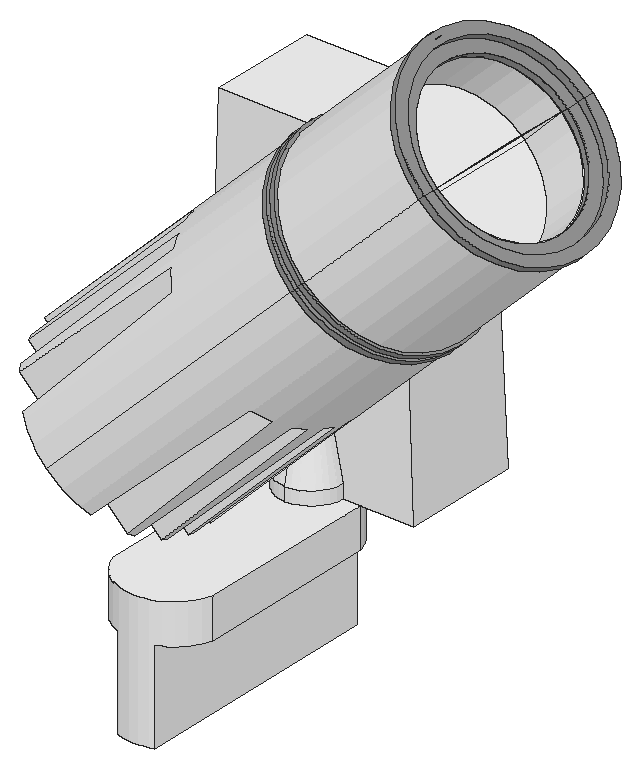
Revit family "2055966", category Lighting Fixtures, host Face, Revit 2016
Family settings
  Host = Face
  Part Type = Normal
  Round Connector Dimension = Use Diameter
  OmniClass Number = 23.80.70.00
  OmniClass Title = Lighting
  Cut with Voids When Loaded = No
  Light Source = No
  Shared = No
  Room Calculation Point = No
Parameters (values of type "2055966 BCON PRJ FRAM DALI L3 4K WH")
  Weight = "1.365 kg"
  Wattage Comments = ""
  WarrantyStartDate [instance] = "n/a"
  WarrantyGuarantorParts = "n/a"
  WarrantyDurationUnit = "n/a"
  WarrantyDurationParts = "n/a"
  WarrantyDescription = "n/a"
  Voltage = 230 V
  URL = "http://www.sylvania-lighting.com"
  TypeName = "BCON PRJ FRAM DALI L3 4K WH"
  TypeHead_SYL = Beacon LED Projector Framing Head : 2055966 BCON PRJ FRAM DALI L3 4K WH
  Type Image = <None>
  Type Comments = "n/a"
  Track_SYL = yes
  Surface_SYL = not(Track_SYL)  # no
  SerialNumber [instance] = "n/a"
  Material_3_SYL = none
  PowerFactor = 0.95
  PowerConsumption = "35 W"
  NominalLength = 0 mm
  NominalHeight = 215 mm
  NominalDepth = 185 mm
  Name = "BCON PRJ FRAM DALI L3 4K WH"
  ModelReference = Name  # "BCON PRJ FRAM DALI L3 4K WH"
  ModelNumber = "2055966"
  Model = Name  # "BCON PRJ FRAM DALI L3 4K WH"
  Material = "aluminium housing"
  ManufacturerName = "Feilo Sylvania"
  Manufacturer = "Feilo Sylvania"
  LuminousEfficacy = "14 lm/W"
  LuminaireType = ""
  LightOutputRatio = "100"
  LampsType = Lamp  # "LED"
  LampNominalLuminous = "474 lm"
  LampMacAdamStep = "3"
  LampColourTemperature = "4000 K"
  LampColourRenderingIndex = "97"
  Lamp = "LED"
  Keynote = "16500"
  InstallationDate [instance] = "n/a"
  InputVoltage = "AC 230 V"
  InputNominalFrequency = "50/60 Hz"
  IngressProtection = "IP20"
  ImpactProtectionIndex = "IK02"
  IfcExportType = "IfcLightFixtureType"
  IfcExportAs = "IfcLightFixtureType"
  HorizontalRotation_SYL [instance] = 0.00°
  EndAngle_SYL [instance] = HorizontalRotation_SYL + 180.00°  # 180.00°
  ElectricShockClassification = "Class II"
  DocumentationLiterature = "http://www.sylvania-lighting.com/product/en-int/products/2055966"
  DimmingControlOptions = "n/a"
  Material_2_SYL = Body-Sylvania-Black
  Description = "Beacon Projector offers precision light exactly where it is needed. The Framing Projector has four adjustable arms allowing the beam to be framed to the desired size shape (square/rectangle or irregular 4 sided shapes).High colour rendering CRI 97 typical. IR/UV free light source without heat radiation. LED technology provides an energy efficient solution with reduced maintenance costs."
  Default Elevation = 1219.2 mm
  CreatedOn = "3/14/2019"
  CreatedBy = "@sylvania-lighting.com"
  Cost = 0
  built-in parameter 1114216 [instance] = (empty or 0)
  ClassificationValue = "EF_70_80"
  ClassificationName = "Uniclass2015"
  Material_1_SYL = Body-Sylvania-White
  BarCode [instance] = "n/a"
  AssetType = "Fixed"
  AssetIdentifier [instance] = "n/a"
  Assembly Code = "D5020200"
  Apparent Load = 35 VA
  Material_4_SYL = none
Reference planes
  plane 1 "Center (Front/Back)": y = 0
  plane 2: z = 0
  plane 3 "Center (Left/Right)": x = 0
  plane 4: x = 7
  plane 5: x = -7
  plane 6: z = -34.5
  plane 7: z = 15
  plane 8: x = 18.5
  plane 9: x = -18.5
  plane 10: y = 48.5
  plane 11: y = -48.5
  plane 12: y = 34.5
  plane 13: y = -34.5
  plane 14: y = 77
  plane 15: y = -8
  plane 16: x = 42.5
  plane 17: x = -42.5
Forms (mm)
  Extrusion 1, solid, material "Body-Sylvania-White" <- "Material_1_SYL", visible <- "Track_SYL"
    sketch origin (0, 0, 0) x (1, 0, 0) y (0, 0, 1)
      loop
        line (-18.5, 15) -> (-18.5, 0) -> (-7, 0) -> (-7, -34.5) -> (7, -34.5) -> (7, 0) -> (18.5, 0) -> (18.5, 15) -> (-18.5, 15)
    from -48.5 to 48.5
  Extrusion 2, void
    sketch origin (0, 0, 0) x (1, 0, 0) y (0, 1, 0)
      loop
        arc (-18.5, 34.5) -> (0, 48.5) -> (18.5, 34.5) r 19.223
        line (18.5, 34.5) -> (21.5, 34.5) -> (21.5, 54.5) -> (-23.5, 54.5) -> (-23.5, 34.5) -> (-18.5, 34.5)
      loop
        line (-18.5, -34.5) -> (-23.5, -34.5) -> (-23.5, -54.5) -> (21.5, -54.5) -> (21.5, -34.5) -> (18.5, -34.5)
        arc (18.5, -34.5) -> (0, -48.5) -> (-18.5, -34.5) r 19.223
    from -34.5 to 15
  Revolve 3, solid, not visible
    sketch origin (0, 0, 0) x (0, 1, 0) y (0, 0, 1)
      loop
        line (34.5, 15) -> (48.5, 15) -> (48.5, 39.844) -> (34.5, 39.844) -> (34.5, 15)
      axis (34.5, 15) -> (34.5, 39.844)
    angle from 0 <- "HorizontalRotation_SYL" to 180 <- "EndAngle_SYL"
  Extrusion 4, solid, material "Body-Sylvania-White" <- "Material_1_SYL", visible <- "Surface_SYL"
    sketch origin (0, 0, 0) x (1, 0, 0) y (0, 1, 0)
      loop
        arc (39.5, -8) -> (41.621, -7.121) -> (42.5, -5) r 3
        line (42.5, -5) -> (42.5, 74)
        arc (42.5, 74) -> (41.621, 76.121) -> (39.5, 77) r 3
        line (39.5, 77) -> (-39.5, 77)
        arc (-39.5, 77) -> (-41.621, 76.121) -> (-42.5, 74) r 3
        line (-42.5, 74) -> (-42.5, -5)
        arc (-42.5, -5) -> (-41.621, -7.121) -> (-39.5, -8) r 3
        line (-39.5, -8) -> (39.5, -8)
    from 0 to 15
Cuts and joins
  Extrusion 2 cuts Extrusion 1
Dimensions and locks
  plane 8 to plane 4 to plane 3 "Center (Left/Right)" to plane 5 to plane 9 = 11.5 mm locked, 7 mm locked, 7 mm locked, 11.5 mm locked
  plane 7 to level to plane 6 = 15 mm locked, 34.5 mm locked
  plane 11 to plane 1 "Center (Front/Back)" to plane 10 = 48.5 mm locked, 48.5 mm locked
  plane 13 to plane 1 "Center (Front/Back)" to plane 12 = 34.5 mm locked, 34.5 mm locked
  plane 15 to plane 12 to plane 14 = 42.5 mm locked, 42.5 mm locked
  plane 16 to plane 3 "Center (Left/Right)" to plane 17 = 42.5 mm locked, 42.5 mm locked
  aligned and locked: plane 2 to host face
  aligned and locked: level to host face
  aligned and locked: plane 7 to Extrusion 1 sketch curve
  aligned and locked: level to Extrusion 1 sketch curve
  aligned and locked: Extrusion 1 sketch curve to plane 8
  aligned and locked: Extrusion 1 sketch curve to plane 6
  aligned and locked: Extrusion 1 sketch curve to plane 4
  aligned and locked: plane 5 to Extrusion 1 sketch curve
  aligned and locked: Extrusion 1 sketch curve to level
  aligned and locked: Extrusion 1 to plane 10
  aligned and locked: plane 11 to Extrusion 1
  aligned and locked: plane 12 to Extrusion 2 sketch curve  (x2)
  aligned and locked: plane 8 to Extrusion 2 sketch curve
  aligned and locked: plane 9 to Extrusion 2 sketch curve
  aligned and locked: plane 13 to Extrusion 2 sketch curve  (x3)
  aligned and locked: Extrusion 2 sketch curve to Extrusion 2 sketch curve  (x2)
  aligned and locked: plane 6 to Extrusion 2
  aligned and locked: Extrusion 2 to plane 7
  aligned and locked: Revolve 3 sketch curve to plane 12
  aligned and locked: Revolve 3 sketch curve to cut or joined group of Extrusion 1, Extrusion 2  (x2)
  aligned and locked: Revolve 3 sketch curve to plane 10
  aligned and locked: Extrusion 4 sketch curve to plane 15
  aligned and locked: Extrusion 4 sketch curve to plane 16
  aligned and locked: plane 14 to Extrusion 4 sketch curve
  aligned and locked: plane 17 to Extrusion 4 sketch curve
  aligned and locked: Extrusion 4 to plane 7
  aligned and locked: Extrusion 4 to level
  aligned and locked: nested 2 to plane 12
Nested families
  nested 1: "Beacon LED Projector Framing Gearbox" at (0, 34.5, 15) x (0, 1, 0) z (1, 0, 0), type "Type Name"
    with VerticalRotation_SYL -45.00°, EndAngle_SYL 135.00°
  nested 2: "Beacon LED Projector Framing Head" at (0, -10.5, 78) x (0, 1, 0) z (0.7071, 0, 0.7071), type <- "TypeHead_SYL", type "2055966 BCON PRJ FRAM DALI L3 4K WH"
    with built-in parameter 1114216 (empty or 0)
Connectors
  electrical at (0, 34.5, 0), driven by "Voltage", driven by "Apparent Load", driven by "PowerFactor"
    settings: on Extrusion 4, index 1, voltage 230 V, apparent load 35 VA, apparent load phase1 0 VA, apparent load phase2 0 VA, apparent load phase3 0 VA, power factor 0.95, load classification "Other", number of poles 1, system type 30, power factor state 1, is connector primary yes, connector utility no, sub classification motor no, connector description ""
Definition of nested family "Beacon LED Projector Framing Gearbox"
  Parameters (values of type "Type Name")
    VerticalRotation_SYL [instance] = 0.00°
    URL = "http://www.sylvania-lighting.com"
    Type Image = (empty or 0)
    Type Comments = "n/a"
    Material_3_SYL = none
    Model = ""
    Manufacturer = "Feilo Sylvania"
    Keynote = ""
    Material_2_SYL = none
    EndAngle_SYL [instance] = VerticalRotation_SYL + 180.00°  # 180.00°
    Description = ""
    Default Elevation = 1219.2 mm
    Cost = 0
    Material_1_SYL = none
    Assembly Code = ""
    Material_4_SYL = none
  Reference planes
    plane 1 "Center (Front/Back)": y = 0
    plane 2: z = 0
    plane 3 "Center (Left/Right)": x = 0
    plane 4: y = 5
    plane 5: y = 63
    plane 6: y = 47
    plane 7: y = 121
    plane 8: x = -3
    plane 9: x = -12
    plane 10: x = 41
    plane 11: x = 44
    plane 12: z = 38.5
    plane 13: z = -38.5
    plane 14: z = 34.5
    plane 15: z = -34.5
  Forms (mm)
    Extrusion 1, solid
      sketch origin (4.2, 0, 0) x (1, 0, 0) y (0, 1, 0)
        loop
          line (-1219.2, 1219.2) -> (-1219.2, -1219.2) -> (1219.2, -1219.2) -> (1219.2, 1219.2) -> (-1219.2, 1219.2)
      from 0 to -68.017
    Revolve 2, solid, material <- "Material_1_SYL"
      sketch origin (0, 0, 0) x (1, 0, 0) y (0, 1, 0)
        loop
          line (0, 0) -> (0, 47) -> (-3, 47) -> (-12, 5) -> (-12, 0) -> (0, 0)
        axis (0, 47) -> (0, 0)
      angle from 360 to 0
    Blend 3, solid, material <- "Material_1_SYL"
      base sketch origin (0, 0, 0) x (1, 0, 0) y (0, 0, 1)
        loop
          line (0, -38.5) -> (44, -38.5) -> (44, 38.5) -> (0, 38.5) -> (0, -38.5)
      top sketch origin (0, 0, 0) x (1, 0, 0) y (0, 0, 1)
        loop
          line (0, 34.5) -> (0, -34.5) -> (41, -34.5) -> (41, 34.5) -> (0, 34.5)
      from 0 to -121
    Revolve 4, solid, not visible
      sketch origin (0, 0, 0) x (1, 0, 0) y (0, 1, 0)
        loop
          line (0, 63) -> (-12, 63) -> (-12, 47) -> (0, 47) -> (0, 63)
        axis (0, 63) -> (-12, 63)
      angle from 0 <- "VerticalRotation_SYL" to 180 <- "EndAngle_SYL"
  Cuts and joins
    joined: Revolve 2, Blend 3
  Dimensions and locks
    plane 3 "Center (Left/Right)" to plane 10 to plane 11 = 41 mm locked, 3 mm locked
    plane 9 to plane 8 to plane 3 "Center (Left/Right)" = 9 mm locked, 3 mm locked
    plane 1 "Center (Front/Back)" to plane 4 to plane 6 to plane 5 to plane 7 = 5 mm locked, 42 mm locked, 16 mm locked, 58 mm locked
    plane 14 to level to plane 15 = 34.5 mm locked, 34.5 mm locked
    locked: plane 12 to plane 14 at 4
    locked: plane 15 to plane 13 at 4
    aligned and locked: plane 2 to Extrusion 1
    aligned and locked: level to Extrusion 1
    aligned and locked: Revolve 2 sketch curve to plane 3 "Center (Left/Right)"  (x2)
    aligned and locked: Revolve 2 sketch curve to Revolve 2 sketch curve
    aligned and locked: Revolve 2 sketch curve to plane 1 "Center (Front/Back)"
    aligned and locked: plane 4 to Revolve 2 sketch curve
    aligned and locked: plane 9 to Revolve 2 sketch curve
    aligned and locked: plane 6 to Revolve 2 sketch curve  (x2)
    aligned and locked: plane 3 "Center (Left/Right)" to Revolve 2 sketch curve
    aligned and locked: plane 13 to Blend 3 sketch curve
    aligned and locked: Blend 3 sketch curve to plane 3 "Center (Left/Right)"
    aligned and locked: Blend 3 sketch curve to plane 12
    aligned and locked: plane 11 to Blend 3 sketch curve
    aligned and locked: plane 14 to Blend 3 sketch curve
    aligned and locked: Blend 3 sketch curve to plane 15
    aligned and locked: Blend 3 sketch curve to plane 10
    aligned and locked: Blend 3 to plane 7
    aligned and locked: plane 1 "Center (Front/Back)" to Blend 3
    aligned and locked: Revolve 4 sketch curve to plane 5
    aligned and locked: Revolve 4 sketch curve to Revolve 4 sketch curve
    aligned and locked: plane 3 "Center (Left/Right)" to Revolve 4 sketch curve
    aligned and locked: plane 6 to Revolve 4 sketch curve
    aligned and locked: Revolve 4 sketch curve to plane 9
Definition of nested family "Beacon LED Projector Framing Head"
  Parameters (values of type "2055967 BCON PRJ FRAM DALI L3 4K BLK")
    Wattage Comments = "n/a"
    Wattage = 35 W
    built-in parameter 1150110 = 1 (stored number, unit not read)
    URL = "http://www.sylvania-lighting.com"
    Type Image = (empty or 0)
    Type Comments = "n/a"
    built-in parameter 1114217 = 1 (stored number, unit not read)
    Tilt Angle = -90.00°
    built-in parameter 1150109 = 1 (stored number, unit not read)
    built-in parameter 1150134 = 12
    built-in parameter 1150113 = 1 (stored number, unit not read)
    Photometric Web File = "spot_ideal.ies"
    Material_3_SYL = none
    Model = "BCON PRJ FRAM DALI L3 4K BLK"
    Manufacturer = "Feilo Sylvania"
    built-in parameter 1150105 = 49 (stored number, unit not read)
    Lumens = 490 lm
    built-in parameter 1150115 = 1 (stored number, unit not read)
    built-in parameter 1150137 = (empty or 0)
    built-in parameter 1150139 = (empty or 0)
    built-in parameter 1150112 = 1 (stored number, unit not read)
    built-in parameter 1150114 = 1 (stored number, unit not read)
    Lamp = "LED"
    Keynote = "16500"
    Material_2_SYL = none
    built-in parameter 1150132 = (empty or 0)
    built-in parameter 1150102 = (empty or 0)
    built-in parameter 1150107 = 4000 (stored number, unit not read)
    built-in parameter 1150138 = (empty or 0)
    built-in parameter 1150106 = 0.49 (stored number, unit not read)
    Emit from Circle Diameter = 61 mm
    Emit Shape Visible in Rendering = no
    built-in parameter 1150104 = 1.3006 (stored number, unit not read)
    Dimming Lamp Color Temperature Shift = (empty or 0)
    Description = "Beacon Projector offers precision light exactly where it is needed. The Framing Projector has four adjustable arms allowing the beam to be framed to the desired size shape (square/rectangle or irregular 4 sided shapes).High colour rendering CRI 97 typical. IR/UV free light source without heat radiation. LED technology provides an energy efficient solution with reduced maintenance costs."
    Default Elevation = 1219.2 mm
    Cost = 0
    Color Filter = 16777215
    built-in parameter 1114216 [instance] = (empty or 0)
    Material_1_SYL = none
    built-in parameter 1114218 = 1 (stored number, unit not read)
    built-in parameter 1150133 = 10 (stored number, unit not read)
    Assembly Code = "D5020200"
    Apparent Load = 35 VA
    Material_4_SYL = none
  Types (12, lengths in mm): name | built-in parameter 1150134 | Model | built-in parameter 1150107
    2055967 BCON PRJ FRAM DALI L3 4K BLK | 12 | "BCON PRJ FRAM DALI L3 4K BLK" | 4000 (stored number, unit not read)
    2055966 BCON PRJ FRAM DALI L3 4K WH | 12 | "BCON PRJ FRAM DALI L3 4K WH" | 4000 (stored number, unit not read)
    2055965 BCON PRJ FRAM DALI L3 3K BLK | (empty or 0) | "BCON PRJ FRAM DALI L3 3K BLK" | 3000 (stored number, unit not read)
    2055964 BCON PRJ FRAM DALI L3 3K WH | (empty or 0) | "BCON PRJ FRAM DALI L3 3K WH" | 3000 (stored number, unit not read)
    2055963 BCON PRJ FRAM O/B SM 4K BLK | 12 | "BCON PRJ FRAM O/B SM 4K BLK" | 4000 (stored number, unit not read)
    2055962 BCON PRJ FRAM O/B SM 4K WH | 12 | "BCON PRJ FRAM O/B SM 4K WH" | 4000 (stored number, unit not read)
    2055961 BCON PRJ FRAM O/B SM 3K BLK | (empty or 0) | "BCON PRJ FRAM O/B SM 3K BLK" | 3000 (stored number, unit not read)
    2055960 BCON PRJ FRAM O/B SM 3K WH | (empty or 0) | "BCON PRJ FRAM O/B SM 3K WH" | 3000 (stored number, unit not read)
    2055959 BCON PRJ FRAM O/B L3 4K BLK | 12 | "BCON PRJ FRAM O/B L3 4K BLK" | 4000 (stored number, unit not read)
    2055958 BCON PRJ FRAM O/B L3 4K WH | 12 | "BCON PRJ FRAM O/B L3 4K WH" | 4000 (stored number, unit not read)
    2055957 BCON PRJ FRAM O/B L3 3K BLK | (empty or 0) | "BCON PRJ FRAM O/B L3 3K BLK" | 3000 (stored number, unit not read)
    2055956 BCON PRJ FRAM O/B L3 3K WH | (empty or 0) | "BCON PRJ FRAM O/B L3 3K WH" | 3000 (stored number, unit not read)
  Reference planes
    plane 1 "Center (Front/Back)": y = 0
    plane 2: z = 0
    plane 3 "Center (Left/Right)": x = 0
    plane 4: x = 39.5
    plane 5: x = -39.5
    plane 6: z = -45
    plane 7: z = 155
    plane 8: z = 152.4
    plane 9: x = -38.5
    plane 10: z = 91
    plane 11: z = 84.75
    plane 12: z = 35
    plane 13: x = -35.25
    plane 14: z = 151.937
    plane 15: x = -30.5
    plane 16: z = 149.187
    plane 17: z = 88.75
    plane 18: z = 87
    plane 19: x = -37.5
    plane 20: z = 129.187
    plane 21: x = -2.5
    plane 22: x = 2.5
    plane 23: x = -4
    plane 24: x = 4
    plane 25: z = 15
    plane 26: z = -15
    plane 27: x = 45
    plane 28: x = 14.75
  Forms (mm)
    Extrusion 1, solid
      sketch origin (4.2, 0, 0) x (1, 0, 0) y (0, 1, 0)
        loop
          line (-1219.2, 1219.2) -> (-1219.2, -1219.2) -> (1219.2, -1219.2) -> (1219.2, 1219.2) -> (-1219.2, 1219.2)
      from 0 to -68.017
    Revolve 2, solid, material <- "Material_2_SYL"
      sketch origin (0, 0, 0) x (1, 0, 0) y (0, 0, 1)
        loop
          line (-30.5, 149.188) -> (-30.5, 151.938) -> (-35.25, 151.938) -> (-35.25, 155) -> (-39.5, 155) -> (-39.5, 152.4) -> (-37.5, 152.4) -> (-37.5, 149.188) -> (-30.5, 149.188)
        axis (0, 155) -> (0, 149.188)
      angle from 360 to 0
    Revolve 3, solid, material <- "Material_3_SYL"
      sketch origin (0, 0, 0) x (1, 0, 0) y (0, 0, 1)
        loop
          arc (0, 156.729) -> (-15.437, 155.524) -> (-30.5, 151.938) r 99.476
          line (-30.5, 151.938) -> (-30.5, 149.188) -> (0, 149.188) -> (0, 156.729)
        axis (0, 156.729) -> (0, 149.188)
      angle from 360 to 0
    Revolve 4, solid, material <- "Material_1_SYL"
      sketch origin (0, 0, 0) x (1, 0, 0) y (0, 0, 1)
        loop
          line (-38.5, 152.4) -> (-38.5, 91) -> (-35.25, 91) -> (-35.25, 84.75) -> (-38.5, 84.75) -> (-38.5, -45) -> (0, -45) -> (0, 129.187) -> (-30.5, 129.187) -> (-30.5, 149.188) -> (-37.5, 149.188) -> (-37.5, 152.4) -> (-38.5, 152.4)
        axis (0, 152.4) -> (0, -45)
      angle from 360 to 0
    Revolve 5, solid, material <- "Material_2_SYL"
      sketch origin (0, 0, 0) x (1, 0, 0) y (0, 0, 1)
        loop
          line (-39.5, 91) -> (-39.5, 88.75) -> (-37.5, 88.75) -> (-37.5, 87) -> (-39.5, 87) -> (-39.5, 84.75) -> (-35.25, 84.75) -> (-35.25, 91) -> (-39.5, 91)
        axis (0, 91) -> (0, 84.75)
      angle from 360 to 0
    Extrusion 6, void
      sketch origin (20, 0, 0) x (-1, 0, 0) y (0, 0, 1)
        loop
          line (17.5, 35) -> (16, -45) -> (24, -45) -> (22.5, 35) -> (17.5, 35)
      from -40 to 40
    Extrusion 7, void
      sketch origin (20, 0, 0) x (-1, 0, 0) y (0, 0, 1)
        loop
          line (27.5, 35) -> (26, -45) -> (34, -45) -> (32.5, 35) -> (27.5, 35)
      from -40 to 40
    Extrusion 8, void
      sketch origin (-20, 0, 0) x (1, 0, 0) y (0, 0, 1)
        loop
          line (2.5, 35) -> (-2.5, 35) -> (-4, -45) -> (4, -45) -> (2.5, 35)
      from -40 to 40
    Extrusion 9, void
      sketch origin (20, 0, 0) x (-1, 0, 0) y (0, 0, 1)
        loop
          line (47.5, 35) -> (46, -45) -> (54, -45) -> (52.5, 35) -> (47.5, 35)
      from -40 to 40
    Extrusion 10, void
      sketch origin (30, 0, 0) x (-1, 0, 0) y (0, 0, 1)
        loop
          line (2.5, 35) -> (-2.5, 35) -> (-4, -45) -> (4, -45) -> (2.5, 35)
      from -40 to 40
    Extrusion 11, void
      sketch origin (10, 0, 0) x (-1, 0, 0) y (0, 0, 1)
        loop
          line (2.5, 35) -> (-2.5, 35) -> (-4, -45) -> (4, -45) -> (2.5, 35)
      from -40 to 40
    Extrusion 12, void
      sketch origin (20, 0, 0) x (-1, 0, 0) y (0, 0, 1)
        loop
          line (2.5, 35) -> (-2.5, 35) -> (-4, -45) -> (4, -45) -> (2.5, 35)
      from -40 to 40
    Revolve 13, solid, material <- "Material_1_SYL"
      sketch origin (0, 0, 0) x (1, 0, 0) y (0, 0, 1)
        loop
          line (45, 15) -> (14.75, 15) -> (14.75, 0) -> (45, 0) -> (45, 15)
        axis (14.75, 0) -> (45, 0)
      angle from 360 to 0
  Cuts and joins
    Extrusion 6, Extrusion 7, Extrusion 8, Extrusion 9, Extrusion 10, Extrusion 11, Extrusion 12 cuts Revolve 4
    joined: Revolve 4, Revolve 13
  Lines and regions (mm)
    reference lines
      curve 1: line (-2.5, 0, 35) -> (-4, 0, -45)
      curve 2: line (4, 0, -45) -> (2.5, 0, 35)
  Dimensions and locks
    plane 7 to level to plane 6 = 155 mm locked, 45 mm locked
    equal spacing: plane 4, plane 3 "Center (Left/Right)", plane 5
    locked: plane 4 to plane 5 at 79
    locked: plane 7 to plane 10 at 64
    plane 10 to plane 11 = 6.25 mm
    locked: plane 7 to plane 12 at 120
    plane 3 "Center (Left/Right)" to plane 15 to plane 13 to plane 9 to plane 5 = 30.5 mm, 4.75 mm, 3.25 mm, 1 mm
    plane 7 to plane 8 to plane 14 to plane 16 = 2.6 mm locked, 0.463 mm locked, 2.75 mm locked
    locked: plane 3 "Center (Left/Right)" to plane 19 at 37.5
    locked: plane 16 to plane 20 at 20
    plane 10 to plane 17 to plane 18 = 2.25 mm locked, 1.75 mm locked
    plane 22 to plane 3 "Center (Left/Right)" to plane 21 = 2.5 mm locked, 2.5 mm locked
    plane 24 to plane 3 "Center (Left/Right)" to plane 23 = 4 mm locked, 4 mm locked
    equal spacing: group 4, group 3, group 2, group 1
    equal spacing: group 1, group 2, group 3, group 4  (x2)
    plane 25 to level to plane 26 = 15 mm locked, 15 mm locked
    locked: plane 27 to plane 3 "Center (Left/Right)" at 45
    locked: plane 28 to plane 3 "Center (Left/Right)" at 14.75
    aligned and locked: plane 2 to Extrusion 1
    aligned and locked: level to Extrusion 1
    aligned and locked: Revolve 2 sketch curve to plane 3 "Center (Left/Right)"
    aligned and locked: plane 16 to Revolve 2 sketch curve  (x2)
    aligned and locked: plane 15 to Revolve 2 sketch curve
    aligned and locked: plane 13 to Revolve 2 sketch curve
    aligned and locked: Revolve 2 sketch curve to plane 14
    aligned and locked: Revolve 2 sketch curve to plane 7
    aligned and locked: Revolve 2 sketch curve to plane 5
    aligned and locked: plane 8 to Revolve 2 sketch curve
    aligned and locked: Revolve 3 sketch curve to plane 3 "Center (Left/Right)"
    aligned and locked: Revolve 3 sketch curve to Revolve 2
    aligned and locked: Revolve 2 to Revolve 3 sketch curve
    aligned and locked: plane 3 "Center (Left/Right)" to Revolve 3 sketch curve
    aligned and locked: Revolve 4 sketch curve to plane 3 "Center (Left/Right)"
    aligned and locked: plane 10 to Revolve 4 sketch curve
    aligned and locked: Revolve 4 sketch curve to plane 13
    aligned and locked: Revolve 4 sketch curve to plane 11
    aligned and locked: Revolve 4 sketch curve to plane 9  (x2)
    aligned and locked: plane 6 to Revolve 4 sketch curve
    aligned and locked: plane 3 "Center (Left/Right)" to Revolve 4 sketch curve
    aligned and locked: plane 15 to Revolve 4 sketch curve
    aligned and locked: Revolve 4 sketch curve to plane 8
    aligned and locked: Revolve 2 sketch curve to plane 19
    aligned and locked: plane 19 to Revolve 4 sketch curve
    aligned and locked: Revolve 4 sketch curve to plane 20
    aligned and locked: Revolve 5 sketch curve to plane 3 "Center (Left/Right)"
    aligned and locked: plane 10 to Revolve 5 sketch curve
    aligned and locked: Revolve 5 sketch curve to plane 5  (x2)
    aligned and locked: plane 17 to Revolve 5 sketch curve
    aligned and locked: plane 18 to Revolve 5 sketch curve
    aligned and locked: Revolve 5 sketch curve to plane 19
    aligned and locked: plane 11 to Revolve 5 sketch curve
    aligned and locked: Revolve 5 sketch curve to Revolve 4  (x2)
    aligned and locked: plane 21 to curve 1
    aligned and locked: plane 23 to curve 1
    aligned and locked: plane 24 to curve 2
    aligned and locked: plane 22 to curve 2
    aligned and locked: Revolve 13 sketch curve to plane 25
    aligned and locked: plane 27 to Revolve 13 sketch curve
    aligned and locked: Revolve 13 sketch curve to level  (x2)
    aligned and locked: Revolve 13 sketch curve to plane 28
    aligned and locked: plane 3 "Center (Left/Right)" to imposter light
    aligned and locked: imposter light to plane 7
    aligned and locked: imposter light to plane 1 "Center (Front/Back)"
  Automatic sketch dimensions
    Extrusion 1 sketch curve to Extrusion 1 sketch curve = 2438.4 mm  (x2)
    plane 6 to Revolve 2 sketch curve = 564.6 mm
    Revolve 2 sketch curve to plane 7 = 2454.058 mm
    Revolve 3 sketch curve to plane 14 = 0 mm
    Revolve 3 sketch curve to plane 12 = 22.253 mm
    plane 6 to Revolve 3 sketch curve = 564.6 mm
    Revolve 3 sketch curve to Revolve 3 sketch curve = 2452.329 mm
    Revolve 4 sketch curve to plane 16 = 0 mm
    plane 6 to Revolve 4 sketch curve = 564.6 mm
    Revolve 4 sketch curve to plane 7 = 2454.058 mm
    plane 6 to Revolve 5 sketch curve = 564.6 mm
    Revolve 5 sketch curve to plane 7 = 2454.058 mm
    curve 2 to plane 12 = 0 mm
    curve 2 to plane 6 = 0 mm
    curve 1 to plane 6 = 0 mm
    curve 1 to plane 12 = 0 mm
    Extrusion 6 sketch curve to Extrusion 6 sketch curve = 1.5 mm
    Extrusion 6 sketch curve to Extrusion 6 sketch curve = 5 mm
    Extrusion 6 sketch curve to Extrusion 6 sketch curve = 8 mm
    Extrusion 6 sketch curve to Extrusion 6 sketch curve = 80 mm
    Extrusion 7 sketch curve to Extrusion 7 sketch curve = 1.5 mm
    Extrusion 7 sketch curve to Extrusion 7 sketch curve = 5 mm
    Extrusion 7 sketch curve to Extrusion 7 sketch curve = 8 mm
    Extrusion 7 sketch curve to Extrusion 7 sketch curve = 80 mm
    Extrusion 8 sketch curve to Extrusion 8 sketch curve = 1.5 mm
    Extrusion 8 sketch curve to Extrusion 8 sketch curve = 5 mm
    Extrusion 8 sketch curve to Extrusion 8 sketch curve = 8 mm
    Extrusion 8 sketch curve to Extrusion 8 sketch curve = 80 mm
    Extrusion 9 sketch curve to Extrusion 9 sketch curve = 1.5 mm
    Extrusion 9 sketch curve to Extrusion 9 sketch curve = 5 mm
    Extrusion 9 sketch curve to Extrusion 9 sketch curve = 8 mm
    Extrusion 9 sketch curve to Extrusion 9 sketch curve = 80 mm
    Extrusion 10 sketch curve to Extrusion 10 sketch curve = 1.5 mm
    Extrusion 10 sketch curve to Extrusion 10 sketch curve = 5 mm
    Extrusion 10 sketch curve to Extrusion 10 sketch curve = 8 mm
    Extrusion 10 sketch curve to Extrusion 10 sketch curve = 80 mm
    Extrusion 11 sketch curve to Extrusion 11 sketch curve = 1.5 mm
    Extrusion 11 sketch curve to Extrusion 11 sketch curve = 5 mm
    Extrusion 11 sketch curve to Extrusion 11 sketch curve = 8 mm
    Extrusion 11 sketch curve to Extrusion 11 sketch curve = 80 mm
    Extrusion 12 sketch curve to Extrusion 12 sketch curve = 1.5 mm
    Extrusion 12 sketch curve to Extrusion 12 sketch curve = 5 mm
    Extrusion 12 sketch curve to Extrusion 12 sketch curve = 8 mm
    Extrusion 12 sketch curve to Extrusion 12 sketch curve = 80 mm
    Revolve 13 sketch curve to plane 5 = 1495.135 mm
    plane 27 to Revolve 13 sketch curve = 1614.773 mm
